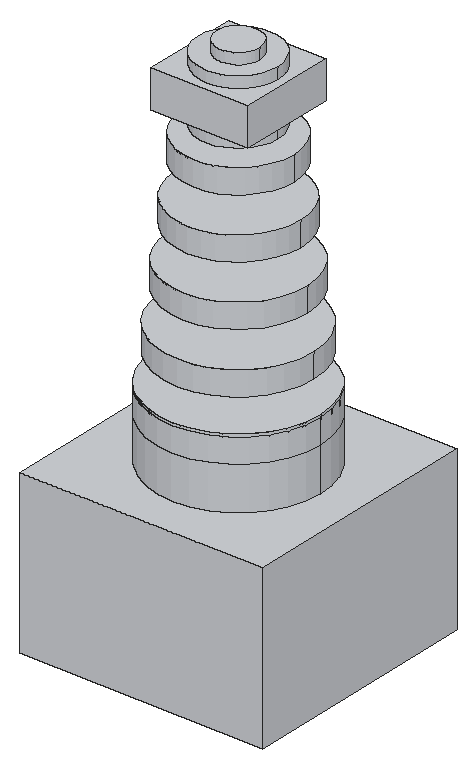
Revit family "GIS_Termination", category Equipamento elétrico, Revit 2027
Family settings
  Configuração do painel = Duas colunas, circuitos transversais
  Cota do conector redondo = Utilizar diâmetro
  Tipo de parte = Painel de controle
  Com base no plano de trabalho = Não
  Sempre na vertical = Sim
  Corte com vazios quando carregada = Não
  Manter orientação da anotação = Não
  Compartilhado = Não
  Ponto de cálculo do ambiente = Não
Parameters (values of type "GIS_TERMINATION_145KV_STUDY")
  Default Elevation = 0 mm
  built-in parameter 1140142 [instance] = (empty or 0)
  built-in parameter 1140140 [instance] = 1 (stored number, unit not read)
  BIM_TensaoSecundaria_kV = 0
  BIM_TensaoNominal_kV = 138
  BIM_TensaoClasse_kV = 145
  BIM_TensaoClasseSecundaria_kV = 0
  BIM_TensaoAuxiliarCA_kV = 0
  BIM_Sistema_Elemento [instance] = ""
  BIM_ReferenciaCatalogo = "Portfolio estimate; terminal type pending line/cable data"
  BIM_Profundidade = 900 mm
  BIM_Potencia_MVA = 0
  BIM_Localizacao [instance] = ""
  BIM_Largura = 900 mm
  BIM_Impedancia_pu = 0
  BIM_FonteGeometria = "Portfolio estimate; terminal type pending line/cable data"
  BIM_Fabricante = "NAO SELECIONADO"
  BIM_EstadoGeometria = "ESTIMATED"
  BIM_EstadoEspecificacao = "PREMISSA / NAO SELECIONADO"
  BIM_DescricaoEstudo = "Envelope de terminal de linha GIS, configuracao de conexao pendente."
  BIM_CorrenteReferenciaSecundaria_A = 0
  BIM_CorrenteNominal_A = 0
  BIM_Bay [instance] = ""
  BIM_AlturaCorpoPrincipal = 600 mm
  BIM_Altura = 2000 mm
  built-in parameter 1155100 [instance] = (empty or 0)
Reference planes
  plane 1 "Centro (Frente/Trás)": y = 0
  plane 2: z = 0
  plane 3 "Centro (Esquerda/Direita)": x = 0
  plane 4 "BIM Left": x = -450
  plane 5 "BIM Right": x = 450
  plane 6 "BIM Front": y = -450
  plane 7 "BIM Back": y = 450
Forms (mm)
  Extrusion 1, solid
    sketch origin (0, 0, 0) x (1, 0, 0) y (0, 1, 0)
      loop
        line (-450, -450) -> (450, -450) -> (450, 450) -> (-450, 450) -> (-450, -450)
    from 0 to 600 <- "BIM_AlturaCorpoPrincipal"
  Extrusion 2, solid
    sketch origin (0, 0, 200) x (1, 0, 0) y (0, 1, 0)
      loop
        line (-315, -315) -> (315, -315) -> (315, 315) -> (-315, 315) -> (-315, -315)
    from 0 to 280
  Extrusion 3, solid
    sketch origin (0, 0, 480) x (1, 0, 0) y (0, 1, 0)
      loop
        circle (0, 0) r 306
    from 0 to 380
  Extrusion 4, solid
    sketch origin (0, 0, 760) x (1, 0, 0) y (0, 1, 0)
      loop
        circle (0, 0) r 306
    from 0 to 90
  Extrusion 5, solid
    sketch origin (0, 0, 970) x (1, 0, 0) y (0, 1, 0)
      loop
        circle (0, 0) r 281.52
    from 0 to 90
  Extrusion 6, solid
    sketch origin (0, 0, 1180) x (1, 0, 0) y (0, 1, 0)
      loop
        circle (0, 0) r 257.04
    from 0 to 90
  Extrusion 7, solid
    sketch origin (0, 0, 1390) x (1, 0, 0) y (0, 1, 0)
      loop
        circle (0, 0) r 232.56
    from 0 to 90
  Extrusion 8, solid
    sketch origin (0, 0, 1600) x (1, 0, 0) y (0, 1, 0)
      loop
        circle (0, 0) r 208.08
    from 0 to 90
  Extrusion 9, solid
    sketch origin (0, 0, 1720) x (1, 0, 0) y (0, 1, 0)
      loop
        circle (0, 0) r 146.88
    from 0 to 240
  Extrusion 10, solid
    sketch origin (0, 0, 1960) x (1, 0, 0) y (0, 1, 0)
      loop
        circle (0, 0) r 79.56
    from 0 to 40
  Extrusion 11, solid
    sketch origin (0, 0, 1780) x (1, 0, 0) y (0, 1, 0)
      loop
        line (-180, -180) -> (180, -180) -> (180, 180) -> (-180, 180) -> (-180, -180)
    from 0 to 140
Dimensions and locks
  "BIM_Largura": plane 4 "BIM Left" to plane 5 "BIM Right"
  "BIM_Profundidade": plane 6 "BIM Front" to plane 7 "BIM Back"
  aligned and locked: level to plane 2
  aligned and locked: plane 4 "BIM Left" to Extrusion 1
  aligned and locked: Extrusion 1 to plane 5 "BIM Right"
  aligned and locked: Extrusion 1 to plane 6 "BIM Front"
  aligned and locked: plane 7 "BIM Back" to Extrusion 1
Automatic sketch dimensions
  Extrusion 1 sketch curve to plane 4 "BIM Left" = 0 mm
  Extrusion 1 sketch curve to plane 5 "BIM Right" = 0 mm
  Extrusion 1 sketch curve to plane 6 "BIM Front" = 0 mm
  Extrusion 1 sketch curve to plane 7 "BIM Back" = 0 mm
  Extrusion 2 sketch curve to plane 4 "BIM Left" = 135 mm
  plane 5 "BIM Right" to Extrusion 2 sketch curve = 135 mm
  plane 6 "BIM Front" to Extrusion 2 sketch curve = 135 mm
  Extrusion 2 sketch curve to plane 7 "BIM Back" = 135 mm
  Extrusion 3 sketch curve to Extrusion 3 sketch curve = 0 mm  (x2)
  plane 1 "Centro (Frente/Trás)" to Extrusion 3 sketch curve = 0 mm
  Extrusion 3 sketch curve to plane 3 "Centro (Esquerda/Direita)" = 0 mm
  Extrusion 3 sketch curve to plane 4 "BIM Left" = 144 mm
  Extrusion 4 sketch curve to Extrusion 4 sketch curve = 0 mm  (x2)
  plane 1 "Centro (Frente/Trás)" to Extrusion 4 sketch curve = 0 mm
  Extrusion 4 sketch curve to plane 3 "Centro (Esquerda/Direita)" = 0 mm
  Extrusion 4 sketch curve to plane 4 "BIM Left" = 144 mm
  Extrusion 5 sketch curve to Extrusion 5 sketch curve = 0 mm  (x2)
  plane 1 "Centro (Frente/Trás)" to Extrusion 5 sketch curve = 0 mm
  Extrusion 5 sketch curve to plane 3 "Centro (Esquerda/Direita)" = 0 mm
  Extrusion 5 sketch curve to plane 4 "BIM Left" = 168.48 mm
  Extrusion 6 sketch curve to Extrusion 6 sketch curve = 0 mm  (x2)
  plane 1 "Centro (Frente/Trás)" to Extrusion 6 sketch curve = 0 mm
  Extrusion 6 sketch curve to plane 3 "Centro (Esquerda/Direita)" = 0 mm
  Extrusion 6 sketch curve to plane 4 "BIM Left" = 192.96 mm
  Extrusion 7 sketch curve to Extrusion 7 sketch curve = 0 mm  (x2)
  plane 1 "Centro (Frente/Trás)" to Extrusion 7 sketch curve = 0 mm
  Extrusion 7 sketch curve to plane 3 "Centro (Esquerda/Direita)" = 0 mm
  Extrusion 7 sketch curve to plane 4 "BIM Left" = 217.44 mm
  Extrusion 8 sketch curve to Extrusion 8 sketch curve = 0 mm  (x2)
  plane 1 "Centro (Frente/Trás)" to Extrusion 8 sketch curve = 0 mm
  Extrusion 8 sketch curve to plane 3 "Centro (Esquerda/Direita)" = 0 mm
  Extrusion 8 sketch curve to plane 3 "Centro (Esquerda/Direita)" = 208.08 mm
  Extrusion 9 sketch curve to Extrusion 9 sketch curve = 0 mm  (x2)
  plane 1 "Centro (Frente/Trás)" to Extrusion 9 sketch curve = 0 mm
  Extrusion 9 sketch curve to plane 3 "Centro (Esquerda/Direita)" = 0 mm
  Extrusion 9 sketch curve to plane 3 "Centro (Esquerda/Direita)" = 146.88 mm
  Extrusion 10 sketch curve to Extrusion 10 sketch curve = 0 mm  (x2)
  plane 1 "Centro (Frente/Trás)" to Extrusion 10 sketch curve = 0 mm
  Extrusion 10 sketch curve to plane 3 "Centro (Esquerda/Direita)" = 0 mm
  Extrusion 10 sketch curve to plane 3 "Centro (Esquerda/Direita)" = 79.56 mm
  Extrusion 11 sketch curve to plane 3 "Centro (Esquerda/Direita)" = 180 mm
  plane 3 "Centro (Esquerda/Direita)" to Extrusion 11 sketch curve = 180 mm
  plane 1 "Centro (Frente/Trás)" to Extrusion 11 sketch curve = 180 mm
  Extrusion 11 sketch curve to plane 1 "Centro (Frente/Trás)" = 180 mm
